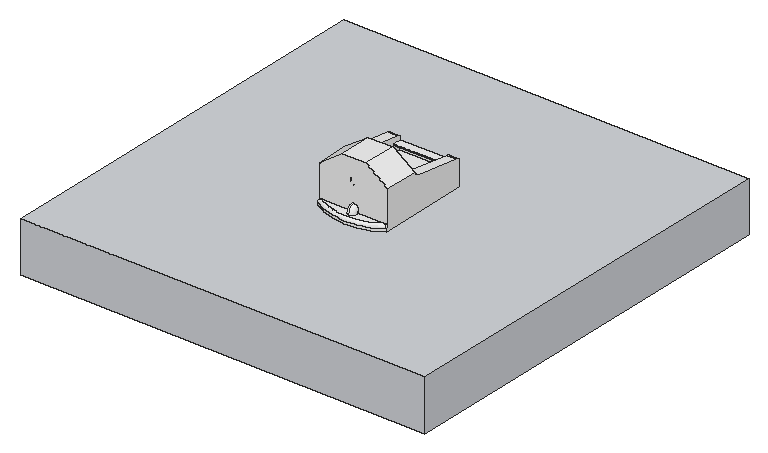
Revit family
Parameters (values of type "Vitreous_China-0-White")
  Width = 1' - 4 1/4"
  Waste Connection = yes
  WFU = 0
  Valve Pressure Drop = 0.00 psi
  URL = "http://www.us.kohler.com"
  Spud = Chrome-Kohler-CP-Polished
  Sanitary Radius = 1"
  Sanitary Diameter = Sanitary Radius * 2  # 2"
  Sanitary Connector = "Sanitary Connection"  # constant formula
  Product Page URL = "http://www.us.kohler.com/onlinecatalog/detail.jsp?prod_num=4989-R"
  Product Documentation Link = "http://www.us.kohler.com/onlinecatalog/pdf/105115_4.pdf"
  Model = "K-4989-R"  # constant formula
  Manufacturer = "Kohler"  # constant formula
  Length = 1' - 0 1/2"
  Height = 2' - 0"
  Flush Rate = 1 GPM
  Finish = Vitreous_China-Kohler-0-White
  Description = "Freshman™ urinal with rear spud\r\n"  # constant formula
  Default Elevation = 0' - 0"
  Created By = "http://www.medialab3dstudio.com/"
  Cold Water Radius = 3/8"
  Cold Water Diameter = Cold Water Radius * 2  # 3/4"
  Cold Water Connector = "Cold Water Connection"  # constant formula
  CWFU = 0
  CW Connection = yes
  Assembly Code = "D2010110"
  Actual Valve Water Flow = 0 GPM
  ADA Compliant = no
Types (7): name | Finish
  (no name) | Vitreous_China-Kohler-0-White
  Vitreous_China-0-White | Vitreous_China-Kohler-0-White
  Vitreous_China-7-Black_Black | Vitreous_China-Kohler-7-Black_Black
  Vitreous_China-33-Mexican_Sand | Vitreous_China-Kohler-33-Mexican_Sand
  Vitreous_China-47-Almond | Vitreous_China-Kohler-47-Almond
  Vitreous_China-96-Biscuit | Vitreous_China-Kohler-96-Biscuit
  Vitreous_China-G9-Sandbar | Vitreous_China-Kohler-G9-Sandbar
Reference planes (in)
  plane 1 "Center (Top/Bottom)": y = 0
  plane 2 "Back": z = 0
  plane 3 "Center (Left/Right)": x = 0
  plane 4 "Left": x = -8.125
  plane 5 "Right": x = 8.125
  plane 6 "Top": y = 12
  plane 7 "Bottom": y = -12
  plane 8 "Front": z = 12.5
  plane 9: z = 5.25
  plane 10: y = -6.90803
  plane 11: z = 1.2357
  plane 12: x = 5.87649
  plane 13: x = -5.875
  plane 14: y = -9.05754
  plane 15: y = -1.14907
  plane 16: y = -8.93254
  plane 17: z = 1.1107
  plane 18: y = -9.53083
  plane 19: z = 0.125
  plane 20: z = -0.47546
  plane 21: z = 0.7357
  plane 22: z = 2.2357
  plane 23: y = -9.53083
  plane 24: y = -8.03083
  plane 25: y = 10.47692
  plane 26: z = -1.37833
  plane 27: z = -0.85558
  plane 28: z = -0.47546
  plane 29: z = 7.7244
  plane 30: y = -8.99504
  plane 31: z = 8.8309
  plane 32: z = 11.25
  plane 33: x = 2.49086
  plane 34: x = -2.49086
  plane 35: z = 8.87935
  plane 36: z = 3.25
  plane 37: z = 6.27374
  plane 38: z = 5.60836
  plane 39: z = 7.86672
  plane 40: y = 11.33462
  plane 41: z = 8.8309
  plane 42: z = 5.25
  plane 43: z = 5.25
  plane 44: z = 5
  plane 45: y = 11.75
  plane 46: z = 3.25
  plane 47: y = 10
  plane 48: z = 6.27374
  plane 49: z = 5.60836
  plane 50: z = 7.86672
  plane 51: z = 8.8309
  plane 52: y = 11.33462
  plane 53: z = 3.25
  plane 54: z = 8.87935
  plane 55: z = 11.25
  plane 56: x = 2.49086
  plane 57: x = -2.49086
  plane 58: y = -11.38562
  plane 59 "Center (Front/Back)": z = 6.3125
  plane 60: x = -1
  plane 61: x = 1
  plane 62: z = 2.2357
  plane 63: x = -1
  plane 64: x = 1
  plane 65: x = -0.5
  plane 66: x = 0.5
  plane 67: x = -0.375
  plane 68: x = 0.375
  plane 69: x = 0.25
  plane 70: z = 7.71005
  plane 71: y = -11.41856
  plane 72: y = -10.47427
  plane 73: y = 9.72692
  plane 74: y = 9.97692
  plane 75: y = 10.10192
  plane 76: y = 10.85192
  plane 77: y = 10.97692
  plane 78: y = 11.22692
  plane 79: y = 10.97692
  plane 80: y = 10.72692
  plane 81: y = 10.22692
  plane 82: y = 9.97692
  plane 83: x = -0.5
  plane 84: x = -0.25
  plane 85: x = 0.5
  plane 86 "Floor": y = -26.78083
Forms (in)
  Extrusion 1, solid
    sketch origin (0, 0, 0) x (1, 0, 0) y (0, 1, 0)
      loop
        line (-48, 48) -> (-48, -48) -> (48, -48) -> (48, 48) -> (-48, 48)
    from 0 to -12
  Extrusion 2, solid, material "Vitreous_China-Kohler-0-White" <- "Finish"
    sketch origin (0, 0, 0) x (1, 0, 0) y (0, 0, 1)
      loop
        line (8.125, 5.25) -> (5.87649, 5.25) -> (5.87649, 3.25) -> (-5.875, 3.25) -> (-5.875, 5.25) -> (-8.125, 5.25) -> (-8.125, 0) -> (8.125, 0) -> (8.125, 5.25)
    from -12 to 9.05754
  Sweep 3, solid, material "Vitreous_China-Kohler-0-White" <- "Finish"
    path origin (0, 0, 0) x (1, 0, 0) y (0, 1, 0)
      loop
        line (-8.125, -9.05754) -> (-8.125, -9.55754)
        arc (-8.125, -9.55754) -> (0, -12) -> (8.125, -9.55754) r 14.73541
        line (8.125, -9.55754) -> (8.125, -9.05754)
    profile origin (0, -12, 0) x (0, 1, 0) y (0, 0, 1)
      loop
        line (0, 0) -> (0.61438, 0) -> (0.61438, 1.2357)
        arc (0.61438, 1.2357) -> (0.17995, 1.05575) -> (0, 0.62132) r 0.61438
        line (0, 0.62132) -> (0, 0)
  Extrusion 4, solid, material "Vitreous_China-Kohler-0-White" <- "Finish"
    sketch origin (0, 0, 0) x (0, 1, 0) y (0, 0, 1)
      loop
        line (12, 5.25) -> (12, 5.60836)
        arc (12, 5.60836) -> (11.80512, 6.07886) -> (11.33462, 6.27374) r 0.66538
        line (11.33462, 6.27374) -> (0, 7.86672)
        arc (0, 7.86672) -> (-0.71277, 8.18406) -> (-1.14907, 8.8309) r 1.41531
        line (-1.14907, 8.8309) -> (-1.14907, 5.25) -> (12, 5.25)
    from 5.87649 to 8.125
  Extrusion 5, solid, material "Vitreous_China-Kohler-0-White" <- "Finish"
    sketch origin (0, 0, 0) x (1, 0, 0) y (0, 0, 1)
      loop
        line (8.125, 5.25) -> (8.125, 8.8309) -> (2.88498, 12.5) -> (-2.88498, 12.5) -> (-8.125, 8.8309) -> (-8.125, 5.25) -> (-5.875, 5.25) -> (-5.875, 8.87935) -> (-2.49086, 11.25) -> (2.49086, 11.25) -> (5.87649, 8.87935) -> (5.87649, 5.25) -> (8.125, 5.25)
    from 1.14907 to 9.05754
  Extrusion 6, solid, material "Vitreous_China-Kohler-0-White" <- "Finish"
    sketch origin (0, 0, 0) x (0, 1, 0) y (0, 0, 1)
      loop
        line (12, 5.25) -> (12, 5.60836)
        arc (12, 5.60836) -> (11.80512, 6.07886) -> (11.33462, 6.27374) r 0.66538
        line (11.33462, 6.27374) -> (0, 7.86672)
        arc (0, 7.86672) -> (-0.71277, 8.18406) -> (-1.14907, 8.8309) r 1.41531
        line (-1.14907, 8.8309) -> (-1.14907, 5.25) -> (12, 5.25)
    from -8.125 to -5.875
  Extrusion 7, solid, material "Vitreous_China-Kohler-0-White" <- "Finish"
    sketch origin (0, 0, 0) x (1, 0, 0) y (0, 0, 1)
      loop
        line (2.49086, 11.25) -> (-2.49086, 11.25) -> (-5.875, 8.87935) -> (-5.875, 3.25) -> (5.87649, 3.25) -> (5.87649, 8.87935) -> (2.49086, 11.25)
    from 8.93254 to 9.05754
  Extrusion 8, solid, material "Vitreous_China-Kohler-0-White" <- "Finish"
    sketch origin (0, 0, 0) x (0, 1, 0) y (0, 0, 1)
      loop
        line (12, 3.25) -> (12, 5.25) -> (10, 5.25) -> (10, 5) -> (11.75, 5) -> (11.75, 3.25) -> (12, 3.25)
    from -5.875 to 5.87649
  Extrusion 9, solid, material "Vitreous_China-Kohler-0-White" <- "Finish"
    sketch origin (0, 0, 0) x (1, 0, 0) y (0, 1, 0)
      loop
        arc (-7.51062, -9.2226) -> (0, -11.38562) -> (7.51062, -9.2226) r 14.12103
        line (7.51062, -9.2226) -> (7.51062, -9.05754) -> (-7.51062, -9.05754) -> (-7.51062, -9.2226)
    from 1.1107 to 1.2357
  Sweep 10, solid, material "Chrome-Kohler-CP-Polished" <- "Spud"
    path origin (0, -0.47328, -0.5) x (0, 1, 0) y (0, 0, 1)
      loop
        line (-9.05754, 0.02454) -> (-9.05754, 1.2357)
        arc (-9.05754, 1.2357) -> (-8.6182, 2.29636) -> (-7.55754, 2.7357) r 1.5
    profile origin (0, -9.53083, 0.13012) x (0, -1, 0) y (1, 0, 0)
      loop
        arc (0, -1) -> (0.70711, -0.70711) -> (1, 0) r 1
        arc (1, 0) -> (0.70711, 0.70711) -> (0, 1) r 1
        arc (0, 1) -> (-0.70711, 0.70711) -> (-1, 0) r 1
        arc (-1, 0) -> (-0.70711, -0.70711) -> (0, -1) r 1
  Extrusion 11, solid, material "Vitreous_China-Kohler-0-White" <- "Finish"
    sketch origin (0, 0, 0) x (1, 0, 0) y (0, 1, 0)
      loop
        line (-7.51062, -9.05754) -> (-7.51062, -9.2226)
        arc (-7.51062, -9.2226) -> (0, -11.38562) -> (7.51062, -9.2226) r 14.12103
        line (7.51062, -9.2226) -> (7.51062, -9.05754) -> (-7.51062, -9.05754)
    from 0 to 0.125
  Extrusion 12, solid, material "Chrome-Kohler-CP-Polished" <- "Spud"
    sketch origin (0, 0, 0) x (1, 0, 0) y (0, 1, 0)
      loop
        arc (-0.375, 10.47692) -> (-0.26517, 10.21175) -> (0, 10.10192) r 0.375
        arc (0, 10.10192) -> (0.26517, 10.21175) -> (0.375, 10.47692) r 0.375
        arc (0.375, 10.47692) -> (0.26517, 10.74208) -> (0, 10.85192) r 0.375
        arc (0, 10.85192) -> (-0.26517, 10.74208) -> (-0.375, 10.47692) r 0.375
    from -1.37833 to -0.85558
  Extrusion 13, solid, material "Chrome-Kohler-CP-Polished" <- "Spud"
    sketch origin (0, 0, 0) x (1, 0, 0) y (0, 1, 0)
      loop
        line (0.25, 10.97692) -> (-0.25, 10.97692) -> (-0.5, 10.72692) -> (-0.5, 10.22692) -> (-0.25, 9.97692) -> (0.25, 9.97692) -> (0.5, 10.22692) -> (0.5, 10.72692) -> (0.25, 10.97692)
    from -0.85558 to -0.47546
  Extrusion 14, solid, material "Chrome-Kohler-CP-Polished" <- "Spud"
    sketch origin (0, 0, 0) x (1, 0, 0) y (0, 1, 0)
      loop
        arc (-0.75, 10.47692) -> (-0.53033, 9.94659) -> (0, 9.72692) r 0.75
        arc (0, 9.72692) -> (0.53033, 9.94659) -> (0.75, 10.47692) r 0.75
        arc (0.75, 10.47692) -> (0.53033, 11.00725) -> (0, 11.22692) r 0.75
        arc (0, 11.22692) -> (-0.53033, 11.00725) -> (-0.75, 10.47692) r 0.75
    from -0.47546 to 0
  Extrusion 15, void
    sketch origin (0, 0, 0) x (1, 0, 0) y (0, 0, 1)
      loop
        arc (0.75, 7.7244) -> (0.53033, 8.25473) -> (0, 8.4744) r 0.75
        arc (0, 8.4744) -> (-0.53033, 8.25473) -> (-0.75, 7.7244) r 0.75
        arc (-0.75, 7.7244) -> (-0.53033, 7.19407) -> (0, 6.9744) r 0.75
        arc (0, 6.9744) -> (0.53033, 7.19407) -> (0.75, 7.7244) r 0.75
    from 8.93254 to 8.99504
Cuts and joins
  Extrusion 15 cuts Extrusion 7
  joined: Extrusion 2, Sweep 3, Extrusion 4, Extrusion 5, Extrusion 6, Extrusion 7, Extrusion 8, Extrusion 9, Extrusion 11
Lines and regions (in)
  Masking region 1, detail levels coarse
    outline origin (0, 0, 0) x (1, 0, 0) y (0, 1, 0)
      loop
        line (-8.125, 12) -> (-8.125, -12) -> (8.125, -12) -> (8.125, 12) -> (-8.125, 12)
  Masking region 2, detail levels medium+fine
    outline origin (0, 0, 6.3125) x (1, 0, 0) y (0, 1, 0)
      loop
        line (8.125, 12) -> (-8.125, 12) -> (-8.125, -9.55754)
        arc (-8.125, -9.55754) -> (0, -12) -> (8.125, -9.55754) r 14.73541
        line (8.125, -9.55754) -> (8.125, 12)
  Masking region 3, detail levels fine
    outline origin (0, 0, 12.5) x (0, -1, 0) y (1, 0, 0)
      loop
        line (-10, -5.875) -> (1.14907, -5.875) -> (1.14907, 5.87649) -> (-10, 5.87649) -> (-10, -5.875)
  Masking region 4, detail levels fine
    outline origin (0, 0, 0) x (1, 0, 0) y (0, 1, 0)
      loop
        arc (0, 11.22692) -> (-0.53033, 11.00725) -> (-0.75, 10.47692) r 0.75
        arc (-0.75, 10.47692) -> (-0.53033, 9.94659) -> (0, 9.72692) r 0.75
        arc (0, 9.72692) -> (0.53033, 9.94659) -> (0.75, 10.47692) r 0.75
        arc (0.75, 10.47692) -> (0.53033, 11.00725) -> (0, 11.22692) r 0.75
      loop
        line (-0.5, 10.72692) -> (-0.5, 10.22692) -> (-0.25, 9.97692) -> (0.25, 9.97692) -> (0.5, 10.22692) -> (0.5, 10.72692) -> (0.25, 10.97692) -> (-0.25, 10.97692) -> (-0.5, 10.72692)
      loop
        arc (0, 10.85192) -> (-0.26517, 10.74208) -> (-0.375, 10.47692) r 0.375
        arc (-0.375, 10.47692) -> (-0.26517, 10.21175) -> (0, 10.10192) r 0.375
        arc (0, 10.10192) -> (0.26517, 10.21175) -> (0.375, 10.47692) r 0.375
        arc (0.375, 10.47692) -> (0.26517, 10.74208) -> (0, 10.85192) r 0.375
  Masking region 5, detail levels coarse
    outline origin (0, 0, 0) x (1, 0, 0) y (0, 0, 1)
      loop
        line (-8.125, 12.5) -> (-8.125, 0) -> (8.125, 0) -> (8.125, 12.5) -> (-8.125, 12.5)
  Masking region 6, detail levels medium+fine
    outline origin (0, 0, 0) x (1, 0, 0) y (0, 0, 1)
      loop
        line (-8.125, 8.8309) -> (-8.125, 0) -> (-1, 0) -> (-1, -0.47546) -> (-0.5, -0.47546) -> (-0.5, -0.85558) -> (-0.375, -0.85558) -> (-0.375, -1.37833) -> (0.375, -1.37833) -> (0.375, -0.85558) -> (0.5, -0.85558) -> (0.5, -0.47546) -> (1, -0.47546) -> (1, 0) -> (8.125, 0) -> (8.125, 8.8309) -> (2.88498, 12.5) -> (-2.88498, 12.5) -> (-8.125, 8.8309)
  Masking region 7, detail levels fine
    outline origin (0, -12, 0) x (1, 0, 0) y (0, 0, 1)
      loop
        line (8.125, 0) -> (8.125, 0.62132)
        arc (8.125, 0.62132) -> (7.94505, 1.05575) -> (7.51062, 1.2357) r 0.61438
        line (7.51062, 1.2357) -> (-7.51062, 1.2357)
        arc (-7.51062, 1.2357) -> (-7.94505, 1.05575) -> (-8.125, 0.62132) r 0.61438
        line (-8.125, 0.62132) -> (-8.125, 0) -> (8.125, 0)
  Masking region 8, detail levels fine
    outline origin (0, -12, 0) x (1, 0, 0) y (0, 0, 1)
      loop
        line (-1, 2.2357) -> (-1, 1.2357) -> (1, 1.2357) -> (1, 2.2357)
        arc (1, 2.2357) -> (0.70711, 2.94281) -> (0, 3.2357) r 1
        arc (0, 3.2357) -> (-0.70711, 2.94281) -> (-1, 2.2357) r 1
  Masking region 9, detail levels fine
    outline origin (0, 12, 0) x (1, 0, 0) y (0, 0, 1)
      loop
        line (-5.875, 8.87935) -> (-5.875, 5.25) -> (5.87649, 5.25) -> (5.87649, 8.87935) -> (2.49086, 11.25) -> (-2.49086, 11.25) -> (-5.875, 8.87935)
  Masking region 10, detail levels fine
    outline origin (0, 12, 0) x (1, 0, 0) y (0, 0, 1)
      loop
        arc (0.75, 7.71005) -> (0.53033, 8.24038) -> (0, 8.46005) r 0.75
        arc (0, 8.46005) -> (-0.53033, 8.24038) -> (-0.75, 7.71005) r 0.75
        arc (-0.75, 7.71005) -> (-0.53033, 7.17972) -> (0, 6.96005) r 0.75
        arc (0, 6.96005) -> (0.53033, 7.17972) -> (0.75, 7.71005) r 0.75
  Masking region 11, detail levels coarse
    outline origin (0, 0, 0) x (0, 1, 0) y (0, 0, 1)
      loop
        line (-12, 12.5) -> (-12, 0) -> (12, 0) -> (12, 12.5) -> (-12, 12.5)
  Masking region 12, detail levels medium+fine
    outline origin (0, 0, 0) x (0, 1, 0) y (0, 0, 1)
      loop
        line (-1.14907, 12.5) -> (-9.05754, 12.5) -> (-9.05754, 3)
        arc (-9.05754, 3) -> (-9.98821, 2.29636) -> (-10.47427, 1.2357) r 2.38733
        line (-10.47427, 1.2357) -> (-11.41856, 1.2357)
        arc (-11.41856, 1.2357) -> (-11.8297, 1.0654) -> (-12, 0.65426) r 0.58144
        line (-12, 0.65426) -> (-12, 0) -> (9.72692, 0) -> (9.72692, -0.47546) -> (9.97692, -0.47546) -> (9.97692, -0.85558) -> (10.10192, -0.85558) -> (10.10192, -1.37833) -> (10.85192, -1.37833) -> (10.85192, -0.85558) -> (10.97692, -0.85558) -> (10.97692, -0.47546) -> (11.22692, -0.47546) -> (11.22692, 0) -> (12, 0) -> (12, 5.60836)
        arc (12, 5.60836) -> (11.80512, 6.07886) -> (11.33462, 6.27374) r 0.66538
        line (11.33462, 6.27374) -> (0, 7.86672)
        arc (0, 7.86672) -> (-0.71277, 8.18406) -> (-1.14907, 8.8309) r 1.41531
        line (-1.14907, 8.8309) -> (-1.14907, 12.5)
  Masking region 13, detail levels fine
    outline origin (0, 0, 0) x (1, 0, 0) y (0, 1, 0)
      loop
        arc (0, -10.53083) -> (0.70711, -10.23793) -> (1, -9.53083) r 1
        arc (1, -9.53083) -> (0.70711, -8.82372) -> (0, -8.53083) r 1
        arc (0, -8.53083) -> (-0.70711, -8.82372) -> (-1, -9.53083) r 1
        arc (-1, -9.53083) -> (-0.70711, -10.23793) -> (0, -10.53083) r 1
  symbolic lines, style "Masking Lines", detail levels fine
    curve 1: line (-8.125, -8.99504, 12.5) -> (8.125, -8.99504, 12.5)
    curve 2: line (-2.88498, -1.14907, 12.5) -> (-2.88498, -8.99504, 12.5)
    curve 3: line (2.88498, -1.14907, 12.5) -> (2.88498, -8.99504, 12.5)
    curve 4: line (-5.875, -1.14907, 12.5) -> (-8.125, -1.14907, 12.5)
    curve 5: line (5.87649, -1.14907, 12.5) -> (8.125, -1.14907, 12.5)
    curve 6: line (-8.125, 11.33462, 12.5) -> (-5.875, 11.33462, 12.5)
    curve 7: line (5.87649, 11.33462, 12.5) -> (8.125, 11.33462, 12.5)
    curve 8: line (-5.875, 10, 12.5) -> (-5.875, 12, 12.5)
    curve 9: line (5.87649, 10, 12.5) -> (5.87649, 12, 12.5)
    curve 10: line (0.375, 0, -0.85558) -> (-0.375, 0, -0.85558)
    curve 11: line (-0.25, 0, -0.85558) -> (-0.25, 0, -0.47546)
    curve 12: line (0.25, 0, -0.85558) -> (0.25, 0, -0.47546)
    curve 13: line (0.5, 0, -0.47546) -> (-0.5, 0, -0.47546)
    curve 14: line (-5.875, 12, 6.3125) -> (-8.125, 12, 6.3125)
    curve 15: line (5.87649, 12, 6.3125) -> (8.125, 12, 6.3125)
    curve 16: line (0, -9.05754, 11.25) -> (0, -1.14907, 11.25)
    curve 17: line (0, -9.05754, 8.8309) -> (0, -1.14907, 8.8309)
    curve 18: line (0, 11.22692, 0) -> (0, 9.72692, 0)
    curve 19: line (0, 10.97692, -0.47546) -> (0, 9.97692, -0.47546)
    curve 20: line (0, 10.22692, -0.85558) -> (0, 10.22692, -0.47546)
    curve 21: line (0, 10.72692, -0.85558) -> (0, 10.72692, -0.47546)
    curve 22: line (0, 10.85192, -0.85558) -> (0, 10.10192, -0.85558)
    curve 23: line (0, -10.47427, 1.2357) -> (0, -9.05754, 1.2357)
    curve 24: line (0, -9.05754, 3) -> (0, -9.05754, 0)
Dimensions and locks (in)
  "Length": plane 8 "Front" to plane 2 "Back"
  equal spacing: plane 7 "Bottom", plane 1 "Center (Top/Bottom)", plane 6 "Top"
  "Height": plane 7 "Bottom" to plane 6 "Top"
  equal spacing: plane 4 "Left", plane 3 "Center (Left/Right)", plane 5 "Right"
  "Width": plane 4 "Left" to plane 5 "Right"
  locked: plane 7 "Bottom" to plane 18 at 2.46917
  plane 20 to plane 19 to plane 21 to plane 22 = 0' - 0.60046" locked, 0' - 0.6107" locked, 0' - 1 1/2" locked
  plane 7 "Bottom" to plane 23 to plane 24 = 0' - 2.46917" locked, 0' - 1 1/2" locked
  locked: plane 29 to plane 8 "Front" at 4.7756
  locked: plane 5 "Right" to plane 33 at 5.63414
  locked: plane 4 "Left" to plane 34 at 5.63414
  plane 31 to plane 35 to plane 32 to plane 8 "Front" = 0' - 0.04846" locked, 0' - 2.37065" locked, 0' - 1 1/4" locked
  locked: plane 2 "Back" to plane 36 at 3.25
  plane 2 "Back" to plane 38 to plane 37 to plane 39 to plane 41 = 0' - 5.60836" locked, 0' - 0.66538" locked, 0' - 1.59298" locked, 0' - 0.96418" locked
  locked: plane 6 "Top" to plane 40 at 0.66538
  locked: plane 42 to plane 8 "Front" at 7.25
  plane 43 to plane 44 to plane 2 "Back" = 0' - 0 1/4" locked, 0' - 5" locked
  plane 6 "Top" to plane 45 to plane 47 = 0' - 0 1/4" locked, 0' - 1 3/4" locked
  plane 2 "Back" to plane 49 to plane 48 to plane 50 to plane 51 = 0' - 5.60836" locked, 0' - 0.66538" locked, 0' - 1.59298" locked, 0' - 0.96418" locked
  locked: plane 6 "Top" to plane 52 at 0.66538
  locked: plane 5 "Right" to plane 56 at 5.63414
  locked: plane 57 to plane 4 "Left" at 5.63414
  plane 53 to plane 54 to plane 55 to plane 8 "Front" = 0' - 5.62935" locked, 0' - 2.37065" locked, 0' - 1 1/4" locked
  locked: plane 58 to plane 7 "Bottom" at 0.61438
  plane 5 "Right" to plane 12 to Extrusion 13 = 0' - 2.24851", 0' - 5.37649"
  plane 7 "Bottom" to plane 14 to plane 16 = 0' - 2.94246" locked, 0' - 0 1/8" locked
  plane 26 to plane 27 to plane 28 to plane 2 "Back" to plane 19 = 0' - 0.52275" locked, 0' - 0.38012" locked, 0' - 0.47546" locked, 0' - 0 1/8" locked
  plane 28 to plane 17 to plane 11 = 0' - 1.58616" locked, 0' - 0 1/8" locked
  locked: plane 25 to plane 6 "Top" at 1.52308
  locked: plane 7 "Bottom" to plane 10 at 5.09197
  locked: plane 2 "Back" to plane 9 at 5.25
  locked: plane 62 to plane 2 "Back" at 2.2357
  locked: plane 5 "Right" to plane 61 at 7.125
  locked: plane 60 to plane 4 "Left" at 7.125
  plane 67 to plane 65 to plane 63 to plane 4 "Left" = 0' - 0 1/8" locked, 0' - 0 1/2" locked, 0' - 7 1/8" locked
  plane 5 "Right" to plane 64 to plane 66 to plane 68 = 0' - 7 1/8" locked, 0' - 0 1/2" locked, 0' - 0 1/8" locked
  locked: plane 5 "Right" to plane 69 at 7.875
  locked: plane 70 to plane 8 "Front" at 4.78995
  plane 7 "Bottom" to plane 71 to plane 72 = 0' - 0.58144" locked, 0' - 0.94429" locked
  plane 73 to plane 74 to plane 75 to plane 76 to plane 77 to plane 78 to plane 6 "Top" = 0' - 0 1/4" locked, 0' - 0 1/8" locked, 0' - 0 3/4" locked, 0' - 0 1/8" locked, 0' - 0 1/4" locked, 0' - 0.77308" locked
  plane 7 "Bottom" to plane 82 to plane 81 = 1' - 9.97692" locked, 0' - 0 1/4" locked
  plane 80 to plane 79 to plane 6 "Top" = 0' - 0 1/4" locked, 0' - 1.02308" locked
  plane 4 "Left" to plane 83 to plane 84 = 0' - 7 5/8" locked, 0' - 0 1/4" locked
  locked: plane 85 to plane 5 "Right" at 7.625
  aligned and locked: plane 2 "Back" to Extrusion 1
  aligned and locked: level to Extrusion 1
  aligned and locked: Extrusion 2 to plane 6 "Top"
  aligned and locked: plane 12 to Extrusion 4
  aligned and locked: plane 5 "Right" to Extrusion 4
  aligned and locked: plane 12 to Extrusion 2
  aligned and locked: Extrusion 2 to plane 13
  aligned and locked: Extrusion 5 to plane 15
  aligned and locked: plane 14 to Extrusion 5
  aligned and locked: plane 14 to Extrusion 2
  aligned and locked: Extrusion 6 to plane 4 "Left"
  aligned and locked: Extrusion 6 to plane 13
  aligned and locked: plane 14 to Extrusion 7
  aligned and locked: plane 16 to Extrusion 7
  aligned and locked: Extrusion 9 sketch curve to Sweep 3  (x3)
  aligned and locked: Extrusion 9 to plane 11
  aligned and locked: plane 17 to Extrusion 9
  aligned and locked: plane 18 to Sweep 10 sketch curve  (x2)
  aligned and locked: plane 3 "Center (Left/Right)" to Sweep 10 sketch curve  (x2)
  aligned and locked: Extrusion 11 sketch curve to cut or joined group 1 (Extrusion 2, Sweep 3, Extrusion 4, Extrusion 5, Extrusion 6, Extrusion 7, Extrusion 8, Extrusion 9, Extrusion 11, Extrusion 15)  (x3)
  aligned and locked: Extrusion 11 to plane 19
  aligned and locked: Extrusion 11 to plane 2 "Back"
  aligned and locked: Sweep 10 sketch curve to plane 23
  aligned and locked: plane 23 to Sweep 10 sketch curve
  aligned and locked: plane 24 to Sweep 10 sketch curve
  aligned and locked: plane 22 to Sweep 10 sketch curve
  aligned and locked: plane 21 to Sweep 10 sketch curve
  aligned and locked: plane 20 to Sweep 10 sketch curve
  aligned and locked: plane 3 "Center (Left/Right)" to Extrusion 12 sketch curve  (x2)
  aligned and locked: plane 25 to Extrusion 12 sketch curve  (x2)
  aligned and locked: plane 26 to Extrusion 12
  aligned and locked: Extrusion 12 to plane 27
  aligned and locked: plane 27 to Extrusion 13
  aligned and locked: Extrusion 13 to plane 28
  aligned and locked: plane 25 to Extrusion 14 sketch curve  (x2)
  aligned and locked: plane 3 "Center (Left/Right)" to Extrusion 14 sketch curve  (x2)
  aligned and locked: plane 28 to Extrusion 14
  aligned and locked: plane 2 "Back" to Extrusion 14
  aligned and locked: plane 3 "Center (Left/Right)" to Extrusion 15 sketch curve  (x2)
  aligned and locked: plane 29 to Extrusion 15 sketch curve  (x2)
  aligned and locked: plane 30 to Extrusion 15
  aligned and locked: plane 16 to Extrusion 15
  aligned and locked: Extrusion 5 sketch curve to plane 8 "Front"
  aligned and locked: plane 31 to Extrusion 5 sketch curve  (x2)
  aligned and locked: plane 35 to Extrusion 5 sketch curve  (x2)
  aligned and locked: Extrusion 5 sketch curve to plane 5 "Right"
  aligned and locked: Extrusion 5 sketch curve to plane 12
  aligned and locked: plane 13 to Extrusion 5 sketch curve
  aligned and locked: plane 4 "Left" to Extrusion 5 sketch curve
  aligned and locked: Extrusion 5 sketch curve to plane 9  (x2)
  aligned and locked: plane 5 "Right" to Extrusion 2 sketch curve
  aligned and locked: Extrusion 2 sketch curve to plane 12
  aligned and locked: Extrusion 2 sketch curve to plane 4 "Left"
  aligned and locked: Extrusion 2 sketch curve to plane 9
  aligned and locked: plane 9 to Extrusion 2 sketch curve
  aligned and locked: Extrusion 2 sketch curve to plane 2 "Back"
  aligned and locked: plane 12 to Extrusion 2 sketch curve
  aligned and locked: plane 13 to Extrusion 2 sketch curve
  aligned and locked: Extrusion 2 sketch curve to plane 36
  aligned and locked: Extrusion 4 sketch curve to plane 9
  aligned and locked: plane 38 to Extrusion 4 sketch curve
  aligned and locked: plane 37 to Extrusion 4 sketch curve
  aligned and locked: plane 39 to Extrusion 4 sketch curve
  aligned and locked: plane 41 to Extrusion 4 sketch curve
  aligned and locked: plane 6 "Top" to Extrusion 4 sketch curve  (x2)
  aligned and locked: plane 40 to Extrusion 4 sketch curve
  aligned and locked: Extrusion 4 sketch curve to plane 15
  aligned and locked: plane 1 "Center (Top/Bottom)" to Extrusion 4 sketch curve
  aligned and locked: plane 42 to Extrusion 6 sketch curve
  aligned and locked: Extrusion 8 sketch curve to plane 43
  aligned and locked: Extrusion 8 sketch curve to plane 44
  aligned and locked: plane 6 "Top" to Extrusion 8 sketch curve
  aligned and locked: Extrusion 8 sketch curve to plane 47
  aligned and locked: plane 46 to Extrusion 8 sketch curve
  aligned and locked: Extrusion 6 sketch curve to plane 15
  aligned and locked: plane 1 "Center (Top/Bottom)" to Extrusion 6 sketch curve
  aligned and locked: plane 51 to Extrusion 6 sketch curve
  aligned and locked: plane 50 to Extrusion 6 sketch curve
  aligned and locked: plane 48 to Extrusion 6 sketch curve
  aligned and locked: plane 49 to Extrusion 6 sketch curve
  aligned and locked: plane 6 "Top" to Extrusion 6 sketch curve  (x2)
  aligned and locked: plane 52 to Extrusion 6 sketch curve
  aligned and locked: plane 55 to Extrusion 7 sketch curve
  aligned and locked: plane 54 to Extrusion 7 sketch curve  (x2)
  aligned and locked: plane 53 to Extrusion 7 sketch curve
  aligned and locked: Extrusion 7 sketch curve to plane 12
  aligned and locked: plane 56 to Extrusion 7 sketch curve
  aligned and locked: plane 57 to Extrusion 7 sketch curve
  aligned and locked: plane 13 to Extrusion 7 sketch curve  (x2)
  aligned and locked: plane 14 to Sweep 3 sketch curve  (x2)
  aligned and locked: plane 4 "Left" to Sweep 3 sketch curve  (x2)
  aligned and locked: plane 5 "Right" to Sweep 3 sketch curve  (x2)
  aligned and locked: plane 11 to Sweep 3 sketch curve
  aligned and locked: plane 7 "Bottom" to Sweep 3 sketch curve  (x2)
  aligned and locked: Sweep 3 sketch curve to plane 2 "Back"
  aligned and locked: plane 58 to Sweep 3 sketch curve
  aligned and locked: Sweep 3 sketch curve to plane 58
  aligned and locked: plane 4 "Left" to Masking region 1 sketch curve
  aligned and locked: plane 6 "Top" to Masking region 1 sketch curve
  aligned and locked: Masking region 1 sketch curve to plane 5 "Right"
  aligned and locked: Masking region 1 sketch curve to plane 7 "Bottom"
  aligned and locked: Masking region 2 sketch curve to cut or joined group 1  (x4)
  aligned and locked: Masking region 3 sketch curve to cut or joined group 1  (x3)
  aligned and locked: cut or joined group 1 to Masking region 3 sketch curve
  aligned and locked: Masking region 4 sketch curve to Extrusion 14  (x4)
  aligned and locked: Masking region 4 sketch curve to Extrusion 13  (x8)
  aligned and locked: Masking region 4 sketch curve to Extrusion 12  (x4)
  aligned and locked: plane 8 "Front" to Masking region 5 sketch curve
  aligned and locked: plane 4 "Left" to Masking region 5 sketch curve
  aligned and locked: Masking region 5 sketch curve to plane 5 "Right"
  aligned and locked: plane 2 "Back" to Masking region 5 sketch curve
  aligned and locked: Masking region 6 sketch curve to cut or joined group 1  (x5)
  aligned and locked: Masking region 7 sketch curve to cut or joined group 1  (x3)
  aligned and locked: Masking region 7 sketch curve to Masking region 6
  aligned and locked: Masking region 8 sketch curve to Sweep 10  (x2)
  aligned and locked: plane 11 to Masking region 8 sketch curve
  aligned and locked: plane 61 to Masking region 8 sketch curve
  aligned and locked: plane 62 to Masking region 8 sketch curve  (x2)
  aligned and locked: plane 2 "Back" to Masking region 6 sketch curve
  aligned and locked: Masking region 6 sketch curve to plane 2 "Back"
  aligned and locked: plane 4 "Left" to Masking region 6 sketch curve
  aligned and locked: Masking region 6 sketch curve to plane 63
  aligned and locked: Masking region 6 sketch curve to plane 65
  aligned and locked: Masking region 6 sketch curve to plane 67
  aligned and locked: plane 68 to Masking region 6 sketch curve
  aligned and locked: plane 66 to Masking region 6 sketch curve
  aligned and locked: plane 64 to Masking region 6 sketch curve
  aligned and locked: plane 28 to Masking region 6 sketch curve  (x2)
  aligned and locked: plane 27 to Masking region 6 sketch curve  (x2)
  aligned and locked: plane 26 to Masking region 6 sketch curve
  aligned and locked: plane 69 to curve 12
  aligned and locked: Masking region 9 sketch curve to cut or joined group 1  (x6)
  aligned and locked: plane 59 "Center (Front/Back)" to curve 15
  aligned and locked: curve 14 to plane 59 "Center (Front/Back)"
  aligned and locked: plane 13 to curve 14
  aligned and locked: plane 4 "Left" to curve 14
  aligned and locked: plane 12 to curve 15
  aligned and locked: plane 5 "Right" to curve 15
  aligned and locked: plane 3 "Center (Left/Right)" to Masking region 10 sketch curve  (x2)
  aligned and locked: plane 70 to Masking region 10 sketch curve  (x2)
  aligned and locked: plane 8 "Front" to Masking region 11 sketch curve
  aligned and locked: Masking region 11 sketch curve to plane 7 "Bottom"
  aligned and locked: plane 2 "Back" to Masking region 11 sketch curve
  aligned and locked: plane 6 "Top" to Masking region 11 sketch curve
  aligned and locked: Masking region 12 sketch curve to cut or joined group 1  (x6)
  aligned and locked: plane 14 to Masking region 12 sketch curve  (x2)
  aligned and locked: plane 2 "Back" to Masking region 12 sketch curve
  aligned and locked: Masking region 12 sketch curve to plane 2 "Back"
  aligned and locked: plane 26 to Masking region 12 sketch curve
  aligned and locked: plane 27 to Masking region 12 sketch curve  (x2)
  aligned and locked: plane 28 to Masking region 12 sketch curve  (x2)
  aligned and locked: Masking region 12 sketch curve to plane 7 "Bottom"
  aligned and locked: plane 71 to Masking region 12 sketch curve
  aligned and locked: plane 7 "Bottom" to Masking region 12 sketch curve
  aligned and locked: plane 72 to Masking region 12 sketch curve
  aligned and locked: Masking region 12 sketch curve to plane 11
  aligned and locked: plane 11 to Masking region 12 sketch curve
  aligned and locked: Masking region 12 sketch curve to plane 73
  aligned and locked: Masking region 12 sketch curve to plane 74
  aligned and locked: Masking region 12 sketch curve to plane 75
  aligned and locked: plane 76 to Masking region 12 sketch curve
  aligned and locked: plane 77 to Masking region 12 sketch curve
  aligned and locked: plane 78 to Masking region 12 sketch curve
  aligned and locked: Masking region 13 sketch curve to Sweep 10  (x4)
  aligned and locked: Extrusion 13 sketch curve to plane 83
  aligned and locked: plane 84 to Extrusion 13 sketch curve  (x2)
  aligned and locked: plane 69 to Extrusion 13 sketch curve  (x2)
  aligned and locked: Extrusion 13 sketch curve to plane 85
  aligned and locked: Extrusion 13 sketch curve to plane 79
  aligned and locked: plane 80 to Extrusion 13 sketch curve  (x2)
  aligned and locked: plane 81 to Extrusion 13 sketch curve  (x2)
  aligned and locked: Extrusion 13 sketch curve to plane 82
Automatic sketch dimensions
  Extrusion 1 sketch curve to Extrusion 1 sketch curve = 8' - 0"  (x2)
  Extrusion 4 sketch curve to plane 1 "Center (Top/Bottom)" = 0' - 0.19697"
  Extrusion 6 sketch curve to Extrusion 6 sketch curve = 0' - 0.19697"
  plane 6 "Top" to Extrusion 8 sketch curve = 0' - 0 1/4"
  Sweep 3 sketch curve to plane 3 "Center (Left/Right)" = 0' - 0"
  Sweep 3 sketch curve to Sweep 3 sketch curve = 0' - 0 1/2"
  Sweep 3 sketch curve to plane 1 "Center (Top/Bottom)" = 0' - 2.73541"
  Sweep 10 sketch curve to Sweep 10 sketch curve = 0' - 1"
  plane 14 to Extrusion 9 sketch curve = 0' - 0"
  plane 14 to Extrusion 11 sketch curve = 0' - 0"
  Extrusion 12 sketch curve to plane 3 "Center (Left/Right)" = 0' - 0 3/8"
  Extrusion 14 sketch curve to Extrusion 14 sketch curve = 0' - 0 3/4"
  Extrusion 15 sketch curve to Extrusion 15 sketch curve = 0' - 0 3/4"
  Extrusion 5 sketch curve to plane 32 = 0' - 0"
  plane 34 to Extrusion 5 sketch curve = 0' - 0"
  plane 33 to Extrusion 5 sketch curve = 0' - 0"
  plane 34 to Extrusion 5 sketch curve = 0' - 0.39412"
  Extrusion 5 sketch curve to plane 33 = 0' - 0.39412"
  curve 6 to curve 7 = 1' - 2.00149"
  curve 2 to curve 3 = 0' - 5.76996"  (x2)
  curve 4 to curve 2 = 0' - 2.99002"  (x2)
  curve 3 to curve 5 = 0' - 2.99151"  (x2)
  curve 2 to curve 2 = 0' - 7.84598"
  curve 4 to curve 1 = 0' - 7.84598"
  curve 6 to curve 6 = 0' - 2 1/4"
  curve 4 to curve 4 = 0' - 2 1/4"
  curve 6 to curve 7 = 0' - 11.75149"
  curve 5 to curve 5 = 0' - 2.24851"
  curve 7 to curve 7 = 0' - 2.24851"
  curve 3 to curve 1 = 0' - 5.24002"
  curve 8 to curve 9 = 0' - 11.75149"
  curve 8 to curve 6 = 0' - 0.66538"  (x2)
  curve 6 to curve 8 = 0' - 1.33462"
  curve 7 to curve 9 = 0' - 1.33462"
  curve 12 to plane 69 = 0' - 0"  (x2)
  curve 11 to plane 69 = 0' - 0 1/2"
  curve 10 to curve 11 = 0' - 0 1/8"  (x2)
  curve 13 to curve 11 = 0' - 0 1/4"  (x2)
  curve 12 to curve 10 = 0' - 0 1/8"  (x2)
  curve 12 to curve 13 = 0' - 0 1/4"  (x2)
  curve 12 to curve 12 = 0' - 0.38012"
  Masking region 10 sketch curve to Masking region 10 sketch curve = 0' - 0 3/4"
  Masking region 12 sketch curve to plane 1 "Center (Top/Bottom)" = 0' - 0"
  plane 17 to Masking region 12 sketch curve = 0' - 0.3091"
  plane 16 to Masking region 12 sketch curve = 0' - 0.8058"
  curve 23 to curve 17 = 0' - 7.7262"
  curve 23 to curve 23 = 0' - 1.41673"  (x2)
  curve 16 to curve 17 = 0' - 0"
  curve 16 to curve 16 = 0' - 7.90848"
  curve 17 to curve 16 = 0' - 0"
  curve 17 to curve 18 = 0' - 10.87598"
  curve 18 to curve 19 = 0' - 0.53718"
  curve 19 to curve 22 = 0' - 0.40014"
  curve 19 to curve 20 = 0' - 0 1/4"  (x2)
  curve 20 to curve 21 = 0' - 0 1/2"
  curve 21 to curve 22 = 0' - 0 1/8"  (x2)
  curve 21 to curve 19 = 0' - 0 1/4"  (x2)
  curve 19 to curve 18 = 0' - 0.53718"  (x2)
  curve 18 to curve 23 = 1' - 8.32206"
  curve 24 to curve 23 = 0' - 1.2357"
  curve 21 to curve 21 = 0' - 0.38012"
  curve 23 to curve 24 = 0' - 1.7643"
  curve 24 to curve 17 = 0' - 5.8309"
  curve 17 to curve 16 = 0' - 2.4191"
  curve 9 to curve 5 = 0' - 11.37354"
  curve 6 to curve 4 = 1' - 0.48369"
  curve 11 to plane 28 = 0' - 0"
  curve 11 to plane 27 = 0' - 0"
  curve 11 to plane 3 "Center (Left/Right)" = 0' - 0 1/4"
  plane 6 "Top" to curve 8 = 0' - 0"
  plane 6 "Top" to curve 9 = 0' - 0"
  curve 6 to plane 4 "Left" = 0' - 0"
  curve 7 to plane 5 "Right" = 0' - 0"
  curve 8 to plane 13 = 0' - 0"
  curve 9 to plane 12 = 0' - 0"
  curve 5 to plane 5 "Right" = 0' - 0"
  plane 15 to curve 5 = 0' - 0"
  plane 15 to curve 3 = 0' - 0"
  plane 15 to curve 2 = 0' - 0"
  curve 4 to plane 4 "Left" = 0' - 0"
  plane 15 to curve 4 = 0' - 0"
  curve 1 to plane 5 "Right" = 0' - 0"
  curve 1 to plane 30 = 0' - 0"
  curve 1 to plane 4 "Left" = 0' - 0"
  curve 4 to plane 13 = 0' - 0"
  curve 5 to plane 12 = 0' - 0"
  plane 6 "Top" to curve 7 = 0' - 0.66538"
  plane 25 to curve 8 = 0' - 0.47692"
  plane 25 to curve 9 = 0' - 0.47692"
  curve 2 to plane 3 "Center (Left/Right)" = 0' - 2.88498"
  plane 69 to curve 3 = 0' - 2.63498"
  plane 11 to curve 23 = 0' - 0"
  curve 17 to plane 14 = 0' - 0"
  curve 23 to plane 14 = 0' - 0"
  curve 16 to plane 14 = 0' - 0"
  curve 16 to plane 15 = 0' - 0"
  curve 17 to plane 15 = 0' - 0"
  curve 18 to level = 0' - 0"
  plane 27 to curve 21 = 0' - 0"
  plane 28 to curve 21 = 0' - 0"
  curve 24 to level = 0' - 0"
  plane 25 to curve 18 = 0' - 0 3/4"
  plane 25 to curve 19 = 0' - 0 1/2"
  plane 25 to curve 22 = 0' - 0 3/8"
  curve 21 to plane 25 = 0' - 0 1/4"
  curve 19 to curve 18 = 0' - 0 1/4"
  curve 24 to plane 11 = 0' - 1.7643"
  curve 17 to plane 59 "Center (Front/Back)" = 0' - 2.5184"
  plane 8 "Front" to curve 16 = 0' - 1 1/4"
Connectors (in)
  piping at (0, 10.47692, -1.37833), driven by "Flush Rate", driven by "CW Connection", driven by "Cold Water Radius", driven by "CW Connection", driven by "Cold Water Connector", driven by "CWFU"
    settings: on Extrusion 12, index 1, connector radius 3/8", flow factor 0, pipe flow 1 GPM, pressure drop 0.00 psi, fitting loss kfactor 0, connector angle 0.00°, fixture units 0, flow configuration 3, flow direction 1, fitting loss method 0, system type 20, connector reference index -1, connector utility 1, adjustable connector yes, is connector primary yes, fitting loss table "", connector description "Cold Water Connection"
  piping at (0, -9.53083, -0.47546), driven by "Actual Valve Water Flow", driven by "Waste Connection", driven by "Sanitary Radius", driven by "Waste Connection", driven by "Sanitary Connector", driven by "WFU"
    settings: on Sweep 10, index 2, connector radius 1", flow factor 0, pipe flow 0 GPM, pressure drop 0.00 psi, fitting loss kfactor 0, connector angle 0.00°, fixture units 0, flow configuration 3, flow direction 2, fitting loss method 0, system type 16, connector reference index -1, connector utility 1, adjustable connector yes, is connector primary no, fitting loss table "", connector description "Sanitary Connection"
